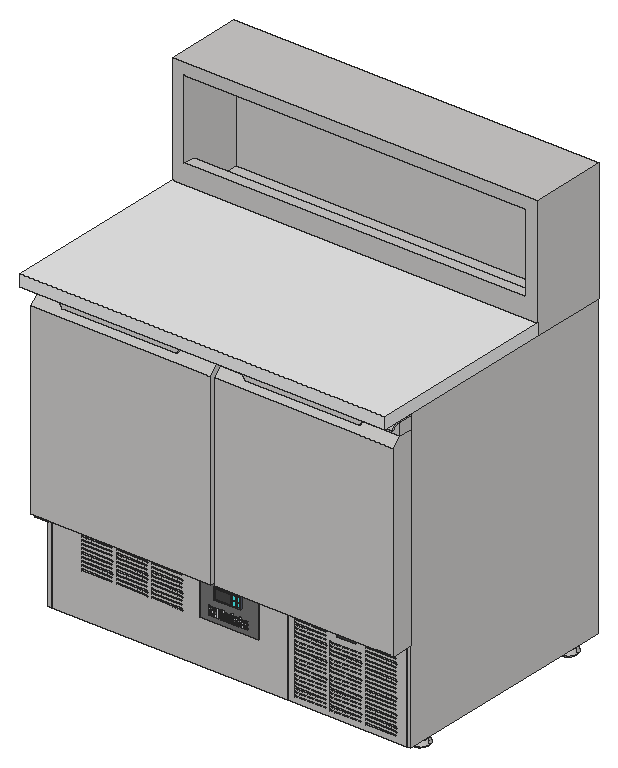
Revit family "QF_ELECTROLUXPROFESSIONAL_725106_PTR259", category Attrezzature speciali, Revit 2021
Family settings
  Quota connettore circolare = Usa diametro
  Tipo di parte = Normale
  Basato su piano di lavoro = No
  Sempre verticale = Sì
  Taglio con vuoti quando caricato = No
  Condiviso = No
  Punto di calcolo locali = No
Parameters (values of type "Standard")
  Weight = 102.00 kg
  Watts = 220 W
  Volts = 220 V
  URL Manufacturer = "https://www.electroluxprofessional.com/"
  URL = "https://www.electroluxprofessional.com/"
  Steam Supply Size = 0 mm
  Steam Supply Minimum Pressure = 0.0 Pa
  Steam Supply Maximum Pressure = 0.0 Pa
  Steam Consumption per Hour = 0
  Refrigeration Suction Line Size = 0 mm
  Refrigeration Liquid Line Size = 0 mm
  Refrigerant Compressor Remote = yes
  Prospetto di default = 0 mm
  Produttore = "Electrolux Professional"
  Phase = 1
  Modello = "PTR259"
  Length Actual = 950 mm  # constant formula
  Item Number = "725106"
  Hot Water Size = 0 mm
  Height Actual = 1125 mm  # constant formula
  HP = "0.3 HP"
  Gas Size = 0 mm
  Gas KW = 0
  Gas Input Pressure = 0 W
  Direct Waste Size = 0 mm
  Descrizione = "2-DOOR REFRIGERATED PIZZA PREP.COUNTER 250L + MARBLE TOP R290"
  Depth Actual = 700 mm  # constant formula
  Cycle = 50 Hz
  Condensate Return Size = 0 mm
  Compressed Air Volume = 0.0 L/s
  Compressed Air Size = 0 mm
  Compressed Air Pressure = 0.0 Pa
  Cold Water Size = 0 mm
  Accessory = yes
Reference planes
  plane 1: z = 0
  plane 2 "Center (Left/Right)": x = -126.5
  plane 3 "Center (Front/Back)": y = 64.5
  plane 4 "BACK": y = 414.5
  plane 5 "FRONT": y = -285.5
  plane 6 "LEFT": x = -604
  plane 7 "RIGHT": x = 351
  plane 8 "FEET": z = 20
  plane 9 "TOP": z = 838
  plane 10 "PLAIN": z = 808
  plane 11 "EI_back": y = 414.5
  plane 12 "EI_left": x = 287.5
  plane 13 "BorderFront": y = -252.5
  plane 14 "DOOR": y = -197.5
  plane 15 "BorderLeft": x = -601.5
  plane 16 "BorderRight": x = 348.5
  plane 17: x = -576.5
  plane 18: x = 323.5
  plane 19: y = -701.5
  plane 20: z = 260
  plane 21 "FeetBack": y = 347.5
  plane 22 "FeetFront": y = -137.5
  plane 23 "FeetRight": x = 326.2
  plane 24 "FeetLeft": x = -579.2
  plane 25 "DrainX": x = -271.5
  plane 26 "DrainY": y = 91.5
  plane 27: z = 238
  plane 28: z = 1125
Forms (mm)
  Extrusion 1, solid, material "QF_Finishes_Stainless Steel"
    sketch origin (-1022.223, 359, -1763) x (-1, 0, 0) y (0, 0, -1)
      loop
        circle (-1309.723, -1883) r 5
    from -55.5 to -57.278
  Extrusion 2, solid, material "QF_Finishes_Stainless Steel"
    sketch origin (-1022.223, -1524, 20) x (-1, 0, 0) y (0, -1, 0)
      loop
        line (-420.723, -1938.5) -> (-420.723, -1326.5) -> (-1370.723, -1326.5) -> (-1370.723, -1938.5) -> (-420.723, -1938.5)
    from 0 to 788
  Extrusion 3, solid, material "QF_Finished_Stone"
    sketch origin (0, 0, 808) x (-1, 0, 0) y (0, -1, 0)
      loop
        line (604, -214.5) -> (604, 285.5) -> (-351, 285.5) -> (-351, -214.5) -> (604, -214.5)
    from 0 to 30
  Extrusion 4, void
    sketch origin (0, 0, 0) x (1, 0, 0) y (0, 1, 0)
      loop
        line (-591.5, -197.5) -> (338.5, -197.5) -> (338.5, -195.5) -> (-591.5, -195.5) -> (-591.5, -197.5)
    from 20 to 260
  Extrusion 5, solid, material "QF_Finishes_Stainless Steel"
    sketch origin (0, 0, 0) x (1, 0, 0) y (0, 1, 0)
      loop
        line (-591.5, -195.5) -> (-591.5, -197.5) -> (26.373, -197.5) -> (26.373, -195.5) -> (-591.5, -195.5)
    from 20 to 260
  Extrusion 6, solid, material "QF_Finishes_Stainless Steel"
    sketch origin (0, 0, 0) x (1, 0, 0) y (0, 1, 0)
      loop
        line (26.373, -195.5) -> (26.373, -197.5) -> (338.5, -197.5) -> (338.5, -195.5) -> (26.373, -195.5)
    from 20 to 260
  Extrusion 7, void
    sketch origin (560, -285.5, 0) x (-1, 0, 0) y (0, 0, 1)
      loop
        line (514.036, 239.427) -> (431.036, 239.427) -> (431.036, 234.427) -> (514.036, 234.427) -> (514.036, 239.427)
      loop
        line (514.036, 229.427) -> (431.036, 229.427) -> (431.036, 224.427) -> (514.036, 224.427) -> (514.036, 229.427)
      loop
        line (514.036, 219.427) -> (431.036, 219.427) -> (431.036, 214.427) -> (514.036, 214.427) -> (514.036, 219.427)
      loop
        line (514.036, 209.427) -> (431.036, 209.427) -> (431.036, 204.427) -> (514.036, 204.427) -> (514.036, 209.427)
      loop
        line (514.036, 199.427) -> (431.036, 199.427) -> (431.036, 194.427) -> (514.036, 194.427) -> (514.036, 199.427)
      loop
        line (514.036, 189.427) -> (431.036, 189.427) -> (431.036, 184.427) -> (514.036, 184.427) -> (514.036, 189.427)
      loop
        line (514.036, 179.427) -> (431.036, 179.427) -> (431.036, 174.427) -> (514.036, 174.427) -> (514.036, 179.427)
      loop
        line (514.036, 169.427) -> (431.036, 169.427) -> (431.036, 164.427) -> (514.036, 164.427) -> (514.036, 169.427)
      loop
        line (514.036, 149.427) -> (431.036, 149.427) -> (431.036, 144.427) -> (514.036, 144.427) -> (514.036, 149.427)
      loop
        line (514.036, 139.427) -> (431.036, 139.427) -> (431.036, 134.427) -> (514.036, 134.427) -> (514.036, 139.427)
      loop
        line (422.036, 199.427) -> (339.036, 199.427) -> (339.036, 194.427) -> (422.036, 194.427) -> (422.036, 199.427)
      loop
        line (422.036, 189.427) -> (339.036, 189.427) -> (339.036, 184.427) -> (422.036, 184.427) -> (422.036, 189.427)
      loop
        line (422.036, 179.427) -> (339.036, 179.427) -> (339.036, 174.427) -> (422.036, 174.427) -> (422.036, 179.427)
      loop
        line (422.036, 149.427) -> (339.036, 149.427) -> (339.036, 144.427) -> (422.036, 144.427) -> (422.036, 149.427)
      loop
        line (422.036, 139.427) -> (339.036, 139.427) -> (339.036, 134.427) -> (422.036, 134.427) -> (422.036, 139.427)
      loop
        line (330.036, 239.427) -> (247.036, 239.427) -> (247.036, 234.427) -> (330.036, 234.427) -> (330.036, 239.427)
      loop
        line (330.036, 229.427) -> (247.036, 229.427) -> (247.036, 224.427) -> (330.036, 224.427) -> (330.036, 229.427)
      loop
        line (330.036, 219.427) -> (247.036, 219.427) -> (247.036, 214.427) -> (330.036, 214.427) -> (330.036, 219.427)
      loop
        line (330.036, 209.427) -> (247.036, 209.427) -> (247.036, 204.427) -> (330.036, 204.427) -> (330.036, 209.427)
      loop
        line (330.036, 199.427) -> (247.036, 199.427) -> (247.036, 194.427) -> (330.036, 194.427) -> (330.036, 199.427)
      loop
        line (330.036, 189.427) -> (247.036, 189.427) -> (247.036, 184.427) -> (330.036, 184.427) -> (330.036, 189.427)
      loop
        line (330.036, 179.427) -> (247.036, 179.427) -> (247.036, 174.427) -> (330.036, 174.427) -> (330.036, 179.427)
      loop
        line (330.036, 149.427) -> (247.036, 149.427) -> (247.036, 144.427) -> (330.036, 144.427) -> (330.036, 149.427)
      loop
        line (330.036, 139.427) -> (247.036, 139.427) -> (247.036, 134.427) -> (330.036, 134.427) -> (330.036, 139.427)
      loop
        line (422.036, 169.427) -> (339.036, 169.427) -> (339.036, 164.427) -> (422.036, 164.427) -> (422.036, 169.427)
      loop
        line (330.036, 169.427) -> (247.036, 169.427) -> (247.036, 164.427) -> (330.036, 164.427) -> (330.036, 169.427)
      loop
        line (514.036, 159.427) -> (431.036, 159.427) -> (431.036, 154.427) -> (514.036, 154.427) -> (514.036, 159.427)
      loop
        line (422.036, 159.427) -> (339.036, 159.427) -> (339.036, 154.427) -> (422.036, 154.427) -> (422.036, 159.427)
      loop
        line (330.036, 159.427) -> (247.036, 159.427) -> (247.036, 154.427) -> (330.036, 154.427) -> (330.036, 159.427)
      loop
        line (514.036, 129.427) -> (431.036, 129.427) -> (431.036, 124.427) -> (514.036, 124.427) -> (514.036, 129.427)
      loop
        line (514.036, 119.427) -> (431.036, 119.427) -> (431.036, 114.427) -> (514.036, 114.427) -> (514.036, 119.427)
      loop
        line (514.036, 109.427) -> (431.036, 109.427) -> (431.036, 104.427) -> (514.036, 104.427) -> (514.036, 109.427)
      loop
        line (514.036, 99.427) -> (431.036, 99.427) -> (431.036, 94.427) -> (514.036, 94.427) -> (514.036, 99.427)
      loop
        line (514.036, 79.427) -> (431.036, 79.427) -> (431.036, 74.427) -> (514.036, 74.427) -> (514.036, 79.427)
      loop
        line (514.036, 69.427) -> (431.036, 69.427) -> (431.036, 64.427) -> (514.036, 64.427) -> (514.036, 69.427)
      loop
        line (422.036, 129.427) -> (339.036, 129.427) -> (339.036, 124.427) -> (422.036, 124.427) -> (422.036, 129.427)
      loop
        line (422.036, 119.427) -> (339.036, 119.427) -> (339.036, 114.427) -> (422.036, 114.427) -> (422.036, 119.427)
      loop
        line (422.036, 109.427) -> (339.036, 109.427) -> (339.036, 104.427) -> (422.036, 104.427) -> (422.036, 109.427)
      loop
        line (422.036, 79.427) -> (339.036, 79.427) -> (339.036, 74.427) -> (422.036, 74.427) -> (422.036, 79.427)
      loop
        line (422.036, 69.427) -> (339.036, 69.427) -> (339.036, 64.427) -> (422.036, 64.427) -> (422.036, 69.427)
      loop
        line (330.036, 129.427) -> (247.036, 129.427) -> (247.036, 124.427) -> (330.036, 124.427) -> (330.036, 129.427)
      loop
        line (330.036, 119.427) -> (247.036, 119.427) -> (247.036, 114.427) -> (330.036, 114.427) -> (330.036, 119.427)
      loop
        line (330.036, 109.427) -> (247.036, 109.427) -> (247.036, 104.427) -> (330.036, 104.427) -> (330.036, 109.427)
      loop
        line (330.036, 79.427) -> (247.036, 79.427) -> (247.036, 74.427) -> (330.036, 74.427) -> (330.036, 79.427)
      loop
        line (330.036, 69.427) -> (247.036, 69.427) -> (247.036, 64.427) -> (330.036, 64.427) -> (330.036, 69.427)
      loop
        line (422.036, 99.427) -> (339.036, 99.427) -> (339.036, 94.427) -> (422.036, 94.427) -> (422.036, 99.427)
      loop
        line (330.036, 99.427) -> (247.036, 99.427) -> (247.036, 94.427) -> (330.036, 94.427) -> (330.036, 99.427)
      loop
        line (514.036, 89.427) -> (431.036, 89.427) -> (431.036, 84.427) -> (514.036, 84.427) -> (514.036, 89.427)
      loop
        line (422.036, 89.427) -> (339.036, 89.427) -> (339.036, 84.427) -> (422.036, 84.427) -> (422.036, 89.427)
      loop
        line (330.036, 89.427) -> (247.036, 89.427) -> (247.036, 84.427) -> (330.036, 84.427) -> (330.036, 89.427)
      loop
        line (514.036, 49.427) -> (431.036, 49.427) -> (431.036, 44.427) -> (514.036, 44.427) -> (514.036, 49.427)
      loop
        line (514.036, 39.427) -> (431.036, 39.427) -> (431.036, 34.427) -> (514.036, 34.427) -> (514.036, 39.427)
      loop
        line (422.036, 49.427) -> (339.036, 49.427) -> (339.036, 44.427) -> (422.036, 44.427) -> (422.036, 49.427)
      loop
        line (422.036, 39.427) -> (339.036, 39.427) -> (339.036, 34.427) -> (422.036, 34.427) -> (422.036, 39.427)
      loop
        line (330.036, 49.427) -> (247.036, 49.427) -> (247.036, 44.427) -> (330.036, 44.427) -> (330.036, 49.427)
      loop
        line (330.036, 39.427) -> (247.036, 39.427) -> (247.036, 34.427) -> (330.036, 34.427) -> (330.036, 39.427)
      loop
        line (514.036, 59.427) -> (431.036, 59.427) -> (431.036, 54.427) -> (514.036, 54.427) -> (514.036, 59.427)
      loop
        line (422.036, 59.427) -> (339.036, 59.427) -> (339.036, 54.427) -> (422.036, 54.427) -> (422.036, 59.427)
      loop
        line (330.036, 59.427) -> (247.036, 59.427) -> (247.036, 54.427) -> (330.036, 54.427) -> (330.036, 59.427)
      loop
        line (405.536, 239.427) -> (355.536, 239.427) -> (355.536, 214.427) -> (405.536, 214.427) -> (405.536, 239.427)
    from 88 to 90
  Extrusion 8, solid, material "QF_Finishes_Black"
    sketch origin (0, -285.5, 0) x (-1, 0, 0) y (0, 0, 1)
      loop
        line (-154.464, 239.427) -> (-204.464, 239.427) -> (-204.464, 214.427) -> (-154.464, 214.427) -> (-154.464, 239.427)
    from 88 to 90
  Extrusion 9, solid, material "QF_Finishes_Stainless Steel"
    sketch origin (-1022.223, -1524, 20) x (-1, 0, 0) y (0, -1, 0)
      loop
        circle (-750.723, -1615.5) r 6.35
    from 199.427 to 218
  Extrusion 10, solid, material "QF_Finishes_Stainless Steel"
    sketch origin (0, 0, 808) x (-1, 0, 0) y (0, -1, 0)
      loop
        line (604, -414.5) -> (604, -214.5) -> (-351, -214.5) -> (-351, -414.5) -> (604, -414.5)
    from 0 to 317
  Extrusion 11, void
    sketch origin (0, 0, 808) x (-1, 0, 0) y (0, -1, 0)
      loop
        line (574, -384.5) -> (574, -244.5) -> (-321, -244.5) -> (-321, -384.5) -> (574, -384.5)
    from 0 to 287
  Extrusion 12, void
    sketch origin (0, 414.5, 0) x (-1, 0, 0) y (0, 0, 1)
      loop
        line (574, 1095) -> (-321, 1095) -> (-321, 888) -> (574, 888) -> (574, 1095)
    from -170 to -200
  Extrusion 13, void
    sketch origin (0, -285.5, 0) x (-1, 0, 0) y (0, 0, 1)
      loop
        line (514.036, 239.427) -> (431.036, 239.427) -> (431.036, 234.427) -> (514.036, 234.427) -> (514.036, 239.427)
      loop
        line (514.036, 229.427) -> (431.036, 229.427) -> (431.036, 224.427) -> (514.036, 224.427) -> (514.036, 229.427)
      loop
        line (514.036, 219.427) -> (431.036, 219.427) -> (431.036, 214.427) -> (514.036, 214.427) -> (514.036, 219.427)
      loop
        line (514.036, 209.427) -> (431.036, 209.427) -> (431.036, 204.427) -> (514.036, 204.427) -> (514.036, 209.427)
      loop
        line (514.036, 199.427) -> (431.036, 199.427) -> (431.036, 194.427) -> (514.036, 194.427) -> (514.036, 199.427)
      loop
        line (514.036, 189.427) -> (431.036, 189.427) -> (431.036, 184.427) -> (514.036, 184.427) -> (514.036, 189.427)
      loop
        line (514.036, 179.427) -> (431.036, 179.427) -> (431.036, 174.427) -> (514.036, 174.427) -> (514.036, 179.427)
      loop
        line (514.036, 169.427) -> (431.036, 169.427) -> (431.036, 164.427) -> (514.036, 164.427) -> (514.036, 169.427)
      loop
        line (514.036, 149.427) -> (431.036, 149.427) -> (431.036, 144.427) -> (514.036, 144.427) -> (514.036, 149.427)
      loop
        line (514.036, 139.427) -> (431.036, 139.427) -> (431.036, 134.427) -> (514.036, 134.427) -> (514.036, 139.427)
      loop
        line (422.036, 199.427) -> (339.036, 199.427) -> (339.036, 194.427) -> (422.036, 194.427) -> (422.036, 199.427)
      loop
        line (422.036, 189.427) -> (339.036, 189.427) -> (339.036, 184.427) -> (422.036, 184.427) -> (422.036, 189.427)
      loop
        line (422.036, 179.427) -> (339.036, 179.427) -> (339.036, 174.427) -> (422.036, 174.427) -> (422.036, 179.427)
      loop
        line (422.036, 149.427) -> (339.036, 149.427) -> (339.036, 144.427) -> (422.036, 144.427) -> (422.036, 149.427)
      loop
        line (422.036, 139.427) -> (339.036, 139.427) -> (339.036, 134.427) -> (422.036, 134.427) -> (422.036, 139.427)
      loop
        line (330.036, 239.427) -> (247.036, 239.427) -> (247.036, 234.427) -> (330.036, 234.427) -> (330.036, 239.427)
      loop
        line (330.036, 229.427) -> (247.036, 229.427) -> (247.036, 224.427) -> (330.036, 224.427) -> (330.036, 229.427)
      loop
        line (330.036, 219.427) -> (247.036, 219.427) -> (247.036, 214.427) -> (330.036, 214.427) -> (330.036, 219.427)
      loop
        line (330.036, 209.427) -> (247.036, 209.427) -> (247.036, 204.427) -> (330.036, 204.427) -> (330.036, 209.427)
      loop
        line (330.036, 199.427) -> (247.036, 199.427) -> (247.036, 194.427) -> (330.036, 194.427) -> (330.036, 199.427)
      loop
        line (330.036, 189.427) -> (247.036, 189.427) -> (247.036, 184.427) -> (330.036, 184.427) -> (330.036, 189.427)
      loop
        line (330.036, 179.427) -> (247.036, 179.427) -> (247.036, 174.427) -> (330.036, 174.427) -> (330.036, 179.427)
      loop
        line (330.036, 149.427) -> (247.036, 149.427) -> (247.036, 144.427) -> (330.036, 144.427) -> (330.036, 149.427)
      loop
        line (330.036, 139.427) -> (247.036, 139.427) -> (247.036, 134.427) -> (330.036, 134.427) -> (330.036, 139.427)
      loop
        line (422.036, 169.427) -> (339.036, 169.427) -> (339.036, 164.427) -> (422.036, 164.427) -> (422.036, 169.427)
      loop
        line (330.036, 169.427) -> (247.036, 169.427) -> (247.036, 164.427) -> (330.036, 164.427) -> (330.036, 169.427)
      loop
        line (514.036, 159.427) -> (431.036, 159.427) -> (431.036, 154.427) -> (514.036, 154.427) -> (514.036, 159.427)
      loop
        line (422.036, 159.427) -> (339.036, 159.427) -> (339.036, 154.427) -> (422.036, 154.427) -> (422.036, 159.427)
      loop
        line (330.036, 159.427) -> (247.036, 159.427) -> (247.036, 154.427) -> (330.036, 154.427) -> (330.036, 159.427)
      loop
        line (422.036, 239.427) -> (339.036, 239.427) -> (339.036, 234.427) -> (422.036, 234.427) -> (422.036, 239.427)
      loop
        line (422.036, 229.427) -> (339.036, 229.427) -> (339.036, 224.427) -> (422.036, 224.427) -> (422.036, 229.427)
      loop
        line (422.036, 219.427) -> (339.036, 219.427) -> (339.036, 214.427) -> (422.036, 214.427) -> (422.036, 219.427)
      loop
        line (422.036, 209.427) -> (339.036, 209.427) -> (339.036, 204.427) -> (422.036, 204.427) -> (422.036, 209.427)
      loop
        line (204.5, 134.427) -> (204.5, 239.427) -> (48.5, 239.427) -> (48.5, 134.427) -> (204.5, 134.427)
    from 88 to 90
Cuts and joins
  Extrusion 4, Extrusion 7, Extrusion 11, Extrusion 13 cuts Extrusion 2
  Extrusion 7, Extrusion 13 cuts Extrusion 5
  Extrusion 7 cuts Extrusion 6
  Extrusion 11, Extrusion 12 cuts Extrusion 10
Lines and regions (mm)
  symbolic lines, style "SpecialityEquipment"
    curve 1: line (-604, 414.5, 808) -> (351, 414.5, 808)
    curve 2: line (-604, -285.5, 808) -> (-604, 414.5, 808)
    curve 3: line (351, -285.5, 808) -> (-604, -285.5, 808)
    curve 4: line (351, 414.5, 808) -> (351, -285.5, 808)
  symbolic lines, style "SpecialityEquipmentHiddenLines"
    curve 5: line (-604, -197.5, 808) -> (351, -197.5, 808)
  symbolic lines
    curve 6: line (-604, 214.5, 808) -> (351, 214.5, 808)
Dimensions and locks
  equal spacing: plane 6 "LEFT", plane 2 "Center (Left/Right)", plane 7 "RIGHT"
  plane 8 "FEET" to level = 20 mm
  plane 13 "BorderFront" to plane 5 "FRONT" = 33 mm
  plane 14 "DOOR" to plane 13 "BorderFront" = 55 mm
  plane 6 "LEFT" to plane 15 "BorderLeft" = 2.5 mm
  plane 16 "BorderRight" to plane 7 "RIGHT" = 2.5 mm
  plane 10 "PLAIN" to plane 8 "FEET" = 788 mm
  plane 18 to plane 16 "BorderRight" = 25 mm
  plane 6 "LEFT" to plane 7 "RIGHT" = 955 mm
  plane 4 "BACK" to plane 5 "FRONT" = 700 mm
  equal spacing: plane 4 "BACK", plane 3 "Center (Front/Back)", plane 5 "FRONT"
  plane 20 to plane 8 "FEET" = 240 mm
  plane 22 "FeetFront" to plane 14 "DOOR" = 60 mm
  plane 23 "FeetRight" to plane 16 "BorderRight" = 22.3 mm
  plane 12 "EI_left" to plane 16 "BorderRight" = 61 mm
  plane 15 "BorderLeft" to plane 25 "DrainX" = 330 mm
  plane 27 to plane 8 "FEET" = 218 mm
  plane 28 to plane 10 "PLAIN" = 317 mm
  plane 9 "TOP" to plane 10 "PLAIN" = 30 mm
  aligned and locked: level to plane 1
Automatic sketch dimensions
  Extrusion 1 sketch curve to plane 12 "EI_left" = 0 mm
  plane 8 "FEET" to Extrusion 1 sketch curve = 100 mm
  Extrusion 2 sketch curve to plane 4 "BACK" = 0 mm
  Extrusion 2 sketch curve to plane 16 "BorderRight" = 0 mm
  Extrusion 2 sketch curve to plane 14 "DOOR" = 0 mm
  Extrusion 2 sketch curve to plane 15 "BorderLeft" = 0 mm
  Extrusion 3 sketch curve to plane 4 "BACK" = 200 mm
  Extrusion 3 sketch curve to plane 7 "RIGHT" = 0 mm
  Extrusion 3 sketch curve to plane 5 "FRONT" = 0 mm
  Extrusion 3 sketch curve to plane 6 "LEFT" = 0 mm
  Extrusion 4 sketch curve to plane 14 "DOOR" = 0 mm
  plane 15 "BorderLeft" to Extrusion 4 sketch curve = 10 mm
  Extrusion 4 sketch curve to plane 16 "BorderRight" = 10 mm
  plane 14 "DOOR" to Extrusion 4 sketch curve = 2 mm
  Extrusion 5 sketch curve to plane 14 "DOOR" = 0 mm
  plane 15 "BorderLeft" to Extrusion 5 sketch curve = 10 mm
  plane 2 "Center (Left/Right)" to Extrusion 5 sketch curve = 152.873 mm
  plane 14 "DOOR" to Extrusion 5 sketch curve = 2 mm
  Extrusion 6 sketch curve to plane 14 "DOOR" = 0 mm
  plane 2 "Center (Left/Right)" to Extrusion 6 sketch curve = 152.873 mm
  Extrusion 6 sketch curve to plane 16 "BorderRight" = 10 mm
  plane 14 "DOOR" to Extrusion 6 sketch curve = 2 mm
  Extrusion 7 sketch curve to plane 18 = 10.536 mm  (x6)
  Extrusion 7 sketch curve to Extrusion 7 sketch curve = 0 mm  (x96)
  Extrusion 7 sketch curve to Extrusion 7 sketch curve = 83 mm  (x4)
  Extrusion 7 sketch curve to plane 20 = 20.573 mm  (x2)
  Extrusion 7 sketch curve to Extrusion 7 sketch curve = 9 mm  (x11)
  Extrusion 7 sketch curve to Extrusion 7 sketch curve = 66.5 mm
  Extrusion 7 sketch curve to Extrusion 7 sketch curve = 16.5 mm
  plane 8 "FEET" to Extrusion 7 sketch curve = 29.427 mm  (x2)
  Extrusion 7 sketch curve to Extrusion 7 sketch curve = 5 mm  (x115)
  Extrusion 7 sketch curve to Extrusion 7 sketch curve = 15 mm
  Extrusion 7 sketch curve to Extrusion 7 sketch curve = 25.5 mm
  Extrusion 8 sketch curve to plane 20 = 20.573 mm
  Extrusion 8 sketch curve to plane 18 = 119.036 mm
  Extrusion 8 sketch curve to Extrusion 8 sketch curve = 50 mm
  Extrusion 8 sketch curve to Extrusion 8 sketch curve = 25 mm
  Extrusion 9 sketch curve to plane 25 "DrainX" = 0 mm
  Extrusion 9 sketch curve to plane 26 "DrainY" = 0 mm
  curve 1 to plane 4 "BACK" = 0 mm
  curve 5 to plane 7 "RIGHT" = 0 mm
  curve 3 to plane 5 "FRONT" = 0 mm
  curve 3 to plane 6 "LEFT" = 0 mm
  curve 5 to plane 14 "DOOR" = 0 mm
  Extrusion 10 sketch curve to plane 4 "BACK" = 0 mm
  Extrusion 10 sketch curve to plane 7 "RIGHT" = 0 mm
  Extrusion 10 sketch curve to plane 6 "LEFT" = 0 mm
  plane 26 "DrainY" to Extrusion 10 sketch curve = 123 mm
  Extrusion 11 sketch curve to plane 4 "BACK" = 30 mm
  Extrusion 11 sketch curve to plane 7 "RIGHT" = 30 mm
  plane 6 "LEFT" to Extrusion 11 sketch curve = 30 mm
  plane 26 "DrainY" to Extrusion 11 sketch curve = 153 mm
  Extrusion 12 sketch curve to plane 18 = 2.5 mm
  plane 9 "TOP" to Extrusion 12 sketch curve = 50 mm
  Extrusion 12 sketch curve to plane 28 = 30 mm
  plane 17 to Extrusion 12 sketch curve = 2.5 mm
  plane 26 "DrainY" to curve 6 = 123 mm
  plane 2 "Center (Left/Right)" to Extrusion 13 sketch curve = 78 mm
  plane 27 to Extrusion 13 sketch curve = 1.427 mm  (x4)
  plane 25 "DrainX" to Extrusion 13 sketch curve = 67 mm
  plane 25 "DrainX" to Extrusion 13 sketch curve = 24.464 mm  (x2)
  Extrusion 13 sketch curve to Extrusion 13 sketch curve = 0 mm  (x56)
  Extrusion 13 sketch curve to plane 25 "DrainX" = 58.536 mm
  Extrusion 13 sketch curve to Extrusion 13 sketch curve = 9 mm  (x6)
  Extrusion 13 sketch curve to Extrusion 13 sketch curve = 83 mm
  Extrusion 13 sketch curve to plane 27 = 3.573 mm  (x3)
  Extrusion 13 sketch curve to plane 27 = 13.573 mm  (x2)
  plane 17 to Extrusion 13 sketch curve = 62.464 mm  (x2)
  Extrusion 13 sketch curve to Extrusion 13 sketch curve = 5 mm  (x57)
  radius of Extrusion 1 sketch curve = 5 mm
  radius of Extrusion 9 sketch curve = 6.35 mm
Nested families
  nested 1: "HORIZREF_SD_L" at (-366.5, -197.5, 531.5) x (1, 0, 0) z (0, -1, 0), type "HORIZREF_SD_L"
    with Show Clearance yes
  nested 2: "HORIZREF_SD_R" at (113.5, -197.5, 531.5) x (1, 0, 0) z (0, -1, 0), type "HORIZREF_SD_R"
    with Show Clearance yes
  nested 3: "HORIZREF_ELX_DISPLAY" at (-126.5, -195.5, 184.427) x (1, 0, 0) z (0, -1, 0), type "HORIZREF_ELX_DISPLAY"
    with Show Logo yes
  nested 4: "HORIZREF_FEET20" at (326.2, -137.5, 0), type "HORIZREF_FEET20"
  nested 5: "HORIZREF_FEET20" at (326.2, 347.5, 0), type "HORIZREF_FEET20"
  nested 6: "HORIZREF_FEET20" at (-579.2, -137.5, 0), type "HORIZREF_FEET20"
  nested 7: "HORIZREF_FEET20" at (-579.2, 347.5, 0), type "HORIZREF_FEET20"
  nested 8: "Refrigerator" at (351, -285.5, 808), type "Refrigerator"
Connectors
  electrical at (287.5, 416.278, 120), driven by "Volts"
    settings: on Extrusion 1, index 1, voltage 220 V, apparent load 0 VA, apparent load phase1 0 VA, apparent load phase2 0 VA, apparent load phase3 0 VA, power factor 1, load classification "Other", number of poles 1, system type 31, power factor state 1, is connector primary yes, connector utility no, sub classification motor no, connector description "Electrical Connection"
  piping at (-271.5, 91.5, 219.427), diameter 12.7
    settings: on Extrusion 9, index 2, connector inside diameter 609.6 mm, connector length 0 mm, flow factor 0, pipe flow 0.0 L/s, pressure drop 0.0 Pa, fitting loss kfactor 0, connector angle 0.00°, fixture units 0, engagement length 0 mm, angle of deflection 0.00°, flow configuration 0, flow direction 2, fitting loss method 0, system type 16, joint type 0, gender type 0, connector reference index -1, connector utility 0, adjustable connector no, is connector primary yes, connector description "Drain"
Definition of nested family "HORIZREF_SD_L"
  Parameters
    Show Clearance [instance] = yes
    Default Elevation = 1219.2 mm
  Reference planes
    plane 1 "Centro (Fronte/Retro)": y = 0
    plane 2: z = 0
    plane 3 "Centro (Sinistra/Destra)": x = 0
    plane 4 "Left": x = -235
    plane 5 "Right": x = 235
    plane 6: y = -271.5
    plane 7: y = 271.5
  Forms (mm)
    Extrusion 1, solid
      sketch origin (0, 0, 0) x (1, 0, 0) y (0, 1, 0)
        loop
          line (-1219.2, 1219.2) -> (-1219.2, -1219.2) -> (1219.2, -1219.2) -> (1219.2, 1219.2) -> (-1219.2, 1219.2)
      from 0 to -304.8
    Extrusion 2, solid
      sketch origin (0, -42.5, -3) x (0, 1, 0) y (0, 0, 1)
        loop
          line (-229, 58) -> (-229, 3) -> (279.183, 3) -> (279.183, 37.596) -> (258.779, 58) -> (-229, 58)
      from -235 to 235
    Extrusion 3, solid
      sketch origin (0, -42.5, 0) x (0, 1, 0) y (0, 0, 1)
        loop
          line (314, 0) -> (314, 44.493)
          arc (314, 44.493) -> (310.059, 54.627) -> (300.307, 59.436) r 15
          line (300.307, 59.436) -> (285.612, 60.721) -> (285.351, 57.733) -> (300.046, 56.447)
          arc (300.046, 56.447) -> (307.847, 52.6) -> (311, 44.493) r 12
          line (311, 44.493) -> (311, 0) -> (314, 0)
      from -235 to 235
    Extrusion 4, void
      sketch origin (0, -42.5, 0) x (1, 0, 0) y (0, 1, 0)
        loop
          line (-235, 285.351) -> (-147.017, 285.351)
          arc (-147.017, 285.351) -> (-148.802, 285.771) -> (-150.212, 286.944) r 4
          line (-150.212, 286.944) -> (-160.798, 300.992)
          arc (-160.798, 300.992) -> (-162.208, 302.165) -> (-163.992, 302.585) r 4
          line (-163.992, 302.585) -> (-235, 302.585) -> (-235, 285.351)
        loop
          line (235, 285.351) -> (235, 302.585) -> (163.992, 302.585)
          arc (163.992, 302.585) -> (162.208, 302.165) -> (160.798, 300.992) r 4
          line (160.798, 300.992) -> (150.212, 286.944)
          arc (150.212, 286.944) -> (148.802, 285.771) -> (147.017, 285.351) r 4
          line (147.017, 285.351) -> (235, 285.351)
      from 29.294 to 84.515
    Extrusion 5, solid, visible <- "Show Clearance", detail levels coarse
      sketch origin (0, -42.5, 5) x (-1, 0, 0) y (0, 0, -1)
        loop
          line (230, -504) -> (230, -55) -> (180, -55) -> (180, -504) -> (230, -504)
      from -314 to 229
    Extrusion 6, solid
      sketch origin (-235, 0, 0) x (0, 1, 0) y (0, 0, 1)
        loop
          line (-271.5, 0) -> (-271.5, 55) -> (-274, 55) -> (-274, 0) -> (-271.5, 0)
        loop
          line (271.5, 27.948) -> (271.5, 2.948) -> (271.5, 0) -> (276.503, 0) -> (276.503, 2.5) -> (274, 2.5) -> (274, 27.948) -> (271.5, 27.948)
      from 10 to 45
    Extrusion 7, solid
      sketch origin (0, -42.5, -3) x (0, 1, 0) y (0, 0, 1)
        loop
          line (279.183, 37.596) -> (279.183, 3) -> (311, 3) -> (311, 37.596) -> (279.183, 37.596)
      from -235 to 235
    Extrusion 8, solid, detail levels coarse
      sketch origin (0, 0, 5) x (1, 0, 0) y (0, 0, 1)
        loop
          line (-180, 504) -> (-180, 55) -> (235, 55)
          arc (235, 55) -> (109.085, 354.907) -> (-180, 504) r 476.159
      from -271.5 to 271.5
  Cuts and joins
    Extrusion 4 cuts Extrusion 3
  Lines and regions (mm)
    symbolic lines
      curve 1: arc (232.8, 0, 88) -> (99.401, 0, 370.079) -> (-180, 0, 509) r 476.159
      curve 2: line (-180, 0, 88) -> (-180, 0, 509)
      curve 3: line (-180, 0, 509) -> (-230, 0, 509)
      curve 4: line (-230, 0, 509) -> (-230, 0, 88)
  Dimensions and locks
    plane 4 "Left" to plane 3 "Centro (Sinistra/Destra)" to plane 5 "Right" = 235 mm, 235 mm
    equal spacing: plane 7, plane 1 "Centro (Fronte/Retro)", plane 6
    plane 7 to plane 6 = 543 mm
    aligned and locked: plane 2 to Extrusion 1
    aligned and locked: level to Extrusion 1
  Automatic sketch dimensions
    Extrusion 1 sketch curve to Extrusion 1 sketch curve = 2438.4 mm  (x2)
    Extrusion 2 sketch curve to plane 6 = 0 mm
    Extrusion 2 sketch curve to level = 0 mm
    Extrusion 2 sketch curve to plane 7 = 55.221 mm
    Extrusion 2 sketch curve to Extrusion 2 sketch curve = 20.404 mm  (x2)
    level to Extrusion 2 sketch curve = 34.596 mm
    Extrusion 3 sketch curve to Extrusion 3 sketch curve = 0 mm  (x2)
    Extrusion 3 sketch curve to level = 0 mm
    Extrusion 3 sketch curve to plane 7 = 0 mm
    Extrusion 3 sketch curve to Extrusion 3 sketch curve = 3 mm
    Extrusion 3 sketch curve to plane 7 = 13.693 mm
    Extrusion 3 sketch curve to Extrusion 3 sketch curve = 0.261 mm  (x2)
    Extrusion 3 sketch curve to Extrusion 3 sketch curve = 1.046 mm
    Extrusion 3 sketch curve to Extrusion 3 sketch curve = 14.695 mm
    level to Extrusion 3 sketch curve = 44.493 mm
    Extrusion 7 sketch curve to level = 0 mm
    Extrusion 7 sketch curve to plane 7 = 3 mm
    level to Extrusion 7 sketch curve = 34.596 mm
    Extrusion 7 sketch curve to Extrusion 7 sketch curve = 31.817 mm
    Extrusion 4 sketch curve to plane 4 "Left" = 0 mm
    Extrusion 4 sketch curve to plane 5 "Right" = 0 mm
    Extrusion 4 sketch curve to plane 7 = 11.415 mm
    Extrusion 4 sketch curve to Extrusion 4 sketch curve = 71.008 mm
    Extrusion 4 sketch curve to plane 7 = 13.008 mm  (x2)
    Extrusion 4 sketch curve to Extrusion 4 sketch curve = 3.195 mm  (x4)
    Extrusion 4 sketch curve to plane 7 = 27.056 mm  (x2)
    Extrusion 4 sketch curve to Extrusion 4 sketch curve = 10.586 mm  (x2)
    Extrusion 4 sketch curve to Extrusion 4 sketch curve = 0 mm  (x2)
    Extrusion 4 sketch curve to plane 7 = 24.649 mm
    Extrusion 4 sketch curve to plane 5 "Right" = 87.983 mm
    Extrusion 4 sketch curve to Extrusion 4 sketch curve = 17.234 mm
    Extrusion 4 sketch curve to Extrusion 4 sketch curve = 2.407 mm
    plane 4 "Left" to Extrusion 5 sketch curve = 55 mm
    plane 4 "Left" to Extrusion 5 sketch curve = 5 mm
    level to Extrusion 5 sketch curve = 509 mm
    level to Extrusion 5 sketch curve = 60 mm
    Extrusion 8 sketch curve to plane 5 "Right" = 0 mm
    plane 4 "Left" to Extrusion 8 sketch curve = 55 mm
    Extrusion 8 sketch curve to plane 4 "Left" = 5.589 mm
    level to Extrusion 8 sketch curve = 36.712 mm
    level to Extrusion 8 sketch curve = 60 mm
    curve 1 to plane 5 "Right" = 2.2 mm
    plane 4 "Left" to curve 3 = 55 mm
    plane 4 "Left" to curve 3 = 5 mm
    curve 1 to plane 4 "Left" = 5.589 mm
    level to curve 1 = 36.712 mm
    curve 1 to curve 3 = 472.288 mm
    curve 1 to curve 4 = 51.288 mm
    curve 2 to curve 4 = 0 mm
    Extrusion 6 sketch curve to level = 0 mm  (x2)
    Extrusion 6 sketch curve to plane 6 = 0 mm
    Extrusion 6 sketch curve to plane 6 = 2.5 mm
    plane 7 to Extrusion 6 sketch curve = 0 mm
    Extrusion 6 sketch curve to Extrusion 6 sketch curve = 2.5 mm
    Extrusion 6 sketch curve to Extrusion 6 sketch curve = 2.503 mm
    level to Extrusion 6 sketch curve = 2.5 mm
    Extrusion 6 sketch curve to Extrusion 6 sketch curve = 0.448 mm
    Extrusion 6 sketch curve to Extrusion 6 sketch curve = 25 mm
    Extrusion 6 sketch curve to Extrusion 6 sketch curve = 55 mm
Definition of nested family "HORIZREF_SD_R"
  Parameters
    Show Clearance [instance] = yes
    Default Elevation = 1219.2 mm
  Reference planes
    plane 1 "Centro (Fronte/Retro)": y = 0
    plane 2: z = 0
    plane 3 "Centro (Sinistra/Destra)": x = 0
    plane 4 "Left": x = -235
    plane 5 "Right": x = 235
    plane 6: y = -271.5
    plane 7: y = 271.5
  Forms (mm)
    Extrusion 1, solid
      sketch origin (0, 0, 0) x (1, 0, 0) y (0, 1, 0)
        loop
          line (-1219.2, 1219.2) -> (-1219.2, -1219.2) -> (1219.2, -1219.2) -> (1219.2, 1219.2) -> (-1219.2, 1219.2)
      from 0 to -304.8
    Extrusion 2, solid
      sketch origin (0, -42.5, -3) x (0, 1, 0) y (0, 0, 1)
        loop
          line (-229, 58) -> (-229, 3) -> (279.183, 3) -> (279.183, 37.596) -> (258.779, 58) -> (-229, 58)
      from -235 to 235
    Extrusion 3, solid
      sketch origin (0, -42.5, 0) x (0, 1, 0) y (0, 0, 1)
        loop
          line (314, 0) -> (314, 44.493)
          arc (314, 44.493) -> (310.059, 54.627) -> (300.307, 59.436) r 15
          line (300.307, 59.436) -> (285.612, 60.721) -> (285.351, 57.733) -> (300.046, 56.447)
          arc (300.046, 56.447) -> (307.847, 52.6) -> (311, 44.493) r 12
          line (311, 44.493) -> (311, 0) -> (314, 0)
      from -235 to 235
    Extrusion 4, void
      sketch origin (0, -42.5, 0) x (1, 0, 0) y (0, 1, 0)
        loop
          line (-235, 285.351) -> (-147.017, 285.351)
          arc (-147.017, 285.351) -> (-148.802, 285.771) -> (-150.212, 286.944) r 4
          line (-150.212, 286.944) -> (-160.798, 300.992)
          arc (-160.798, 300.992) -> (-162.208, 302.165) -> (-163.992, 302.585) r 4
          line (-163.992, 302.585) -> (-235, 302.585) -> (-235, 285.351)
        loop
          line (235, 285.351) -> (235, 302.585) -> (163.992, 302.585)
          arc (163.992, 302.585) -> (162.208, 302.165) -> (160.798, 300.992) r 4
          line (160.798, 300.992) -> (150.212, 286.944)
          arc (150.212, 286.944) -> (148.802, 285.771) -> (147.017, 285.351) r 4
          line (147.017, 285.351) -> (235, 285.351)
      from 29.294 to 84.515
    Extrusion 5, solid
      sketch origin (235, 0, 0) x (0, 1, 0) y (0, 0, 1)
        loop
          line (-271.5, 0) -> (-271.5, 55) -> (-274, 55) -> (-274, 0) -> (-271.5, 0)
        loop
          line (271.5, 27.948) -> (271.5, 2.948) -> (271.5, 0) -> (276.503, 0) -> (276.503, 2.5) -> (274, 2.5) -> (274, 27.948) -> (271.5, 27.948)
      from -10 to -45
    Extrusion 6, solid
      sketch origin (0, -42.5, -3) x (0, 1, 0) y (0, 0, 1)
        loop
          line (279.183, 37.596) -> (279.183, 3) -> (311, 3) -> (311, 37.596) -> (279.183, 37.596)
      from -235 to 235
    Extrusion 7, solid, detail levels coarse
      sketch origin (0, 0, 5) x (-1, 0, 0) y (0, 0, -1)
        loop
          arc (-180, -504) -> (109.085, -354.907) -> (235, -55) r 476.159
          line (235, -55) -> (-180, -55) -> (-180, -504)
      from -271.5 to 271.5
    Extrusion 8, solid, visible <- "Show Clearance", detail levels coarse
      sketch origin (0, -42.5, 5) x (1, 0, 0) y (0, 0, 1)
        loop
          line (230, 504) -> (180, 504) -> (180, 55) -> (230, 55) -> (230, 504)
      from -314 to 229
  Cuts and joins
    Extrusion 4 cuts Extrusion 3
  Lines and regions (mm)
    symbolic lines
      curve 1: arc (-232.8, 0, 88) -> (-99.401, 0, 370.079) -> (180, 0, 509) r 476.159
      curve 2: line (180, 0, 88) -> (180, 0, 509)
      curve 3: line (180, 0, 509) -> (230, 0, 509)
      curve 4: line (230, 0, 509) -> (230, 0, 88)
  Dimensions and locks
    plane 4 "Left" to plane 3 "Centro (Sinistra/Destra)" to plane 5 "Right" = 235 mm, 235 mm
    equal spacing: plane 7, plane 1 "Centro (Fronte/Retro)", plane 6
    plane 7 to plane 6 = 543 mm
    aligned and locked: plane 2 to Extrusion 1
    aligned and locked: level to Extrusion 1
  Automatic sketch dimensions
    Extrusion 1 sketch curve to Extrusion 1 sketch curve = 2438.4 mm  (x2)
    Extrusion 2 sketch curve to plane 6 = 0 mm
    Extrusion 2 sketch curve to level = 0 mm
    Extrusion 2 sketch curve to plane 7 = 55.221 mm
    Extrusion 2 sketch curve to Extrusion 2 sketch curve = 20.404 mm  (x2)
    level to Extrusion 2 sketch curve = 34.596 mm
    Extrusion 3 sketch curve to Extrusion 3 sketch curve = 0 mm  (x2)
    Extrusion 3 sketch curve to level = 0 mm
    Extrusion 3 sketch curve to plane 7 = 0 mm
    Extrusion 3 sketch curve to Extrusion 3 sketch curve = 3 mm
    Extrusion 3 sketch curve to plane 7 = 13.693 mm
    Extrusion 3 sketch curve to Extrusion 3 sketch curve = 0.261 mm  (x2)
    Extrusion 3 sketch curve to Extrusion 3 sketch curve = 1.046 mm
    Extrusion 3 sketch curve to Extrusion 3 sketch curve = 14.695 mm
    level to Extrusion 3 sketch curve = 44.493 mm
    Extrusion 4 sketch curve to plane 4 "Left" = 0 mm
    Extrusion 4 sketch curve to plane 5 "Right" = 0 mm
    Extrusion 4 sketch curve to plane 7 = 11.415 mm
    Extrusion 4 sketch curve to Extrusion 4 sketch curve = 71.008 mm
    Extrusion 4 sketch curve to plane 7 = 13.008 mm  (x2)
    Extrusion 4 sketch curve to Extrusion 4 sketch curve = 3.195 mm  (x4)
    Extrusion 4 sketch curve to plane 7 = 27.056 mm  (x2)
    Extrusion 4 sketch curve to Extrusion 4 sketch curve = 10.586 mm  (x2)
    Extrusion 4 sketch curve to plane 7 = 24.649 mm
    Extrusion 4 sketch curve to plane 5 "Right" = 87.983 mm
    Extrusion 4 sketch curve to Extrusion 4 sketch curve = 17.234 mm
    Extrusion 4 sketch curve to Extrusion 4 sketch curve = 2.407 mm
    Extrusion 4 sketch curve to Extrusion 4 sketch curve = 0 mm  (x2)
    Extrusion 6 sketch curve to level = 0 mm
    Extrusion 6 sketch curve to plane 7 = 34.817 mm
    Extrusion 6 sketch curve to plane 7 = 3 mm
    level to Extrusion 6 sketch curve = 34.596 mm
    Extrusion 7 sketch curve to plane 4 "Left" = 0 mm
    Extrusion 7 sketch curve to plane 5 "Right" = 55 mm
    plane 5 "Right" to Extrusion 7 sketch curve = 5.589 mm
    level to Extrusion 7 sketch curve = 509 mm
    level to Extrusion 7 sketch curve = 60 mm
    Extrusion 8 sketch curve to plane 5 "Right" = 55 mm
    Extrusion 8 sketch curve to plane 5 "Right" = 5 mm
    level to Extrusion 8 sketch curve = 60 mm
    Extrusion 8 sketch curve to Extrusion 8 sketch curve = 449 mm
    curve 3 to plane 5 "Right" = 55 mm
    curve 3 to plane 5 "Right" = 5 mm
    plane 5 "Right" to curve 1 = 5.589 mm
    level to curve 1 = 36.712 mm
    curve 1 to curve 3 = 472.288 mm
    plane 4 "Left" to curve 1 = 2.2 mm
    curve 1 to curve 4 = 51.288 mm
    curve 2 to curve 4 = 0 mm
    Extrusion 5 sketch curve to level = 0 mm  (x2)
    Extrusion 5 sketch curve to plane 6 = 0 mm
    Extrusion 5 sketch curve to plane 6 = 2.5 mm
    plane 7 to Extrusion 5 sketch curve = 0 mm
    Extrusion 5 sketch curve to Extrusion 5 sketch curve = 2.5 mm
    Extrusion 5 sketch curve to Extrusion 5 sketch curve = 2.503 mm
    level to Extrusion 5 sketch curve = 2.5 mm
    Extrusion 5 sketch curve to Extrusion 5 sketch curve = 0.448 mm
    Extrusion 5 sketch curve to Extrusion 5 sketch curve = 25 mm
    Extrusion 5 sketch curve to Extrusion 5 sketch curve = 55 mm
Definition of nested family "HORIZREF_ELX_DISPLAY"
  Parameters
    Show Logo [instance] = yes
    Default Elevation = 1219.2 mm
  Reference planes
    plane 1 "Centro (Fronte/Retro)": y = 0
    plane 2: z = 0
    plane 3 "Centro (Sinistra/Destra)": x = 0
  Forms (mm)
    Extrusion 1, solid
      sketch origin (0, 0, 0) x (1, 0, 0) y (0, 1, 0)
        loop
          line (-1219.2, 1219.2) -> (-1219.2, -1219.2) -> (1219.2, -1219.2) -> (1219.2, 1219.2) -> (-1219.2, 1219.2)
      from 0 to -304.8
    Extrusion 2, solid
      sketch origin (-117.256, -247.111, 0) x (1, 0, 0) y (0, 1, 0)
        loop
          line (77.927, 232.209) -> (77.927, 212.414)
          arc (77.927, 212.414) -> (85.244, 222.312) -> (77.927, 232.209) r 10.352
        loop
          arc (76.92, 232.209) -> (68.688, 230.338) -> (64.721, 222.885) r 10.145
          line (64.721, 222.885) -> (67.996, 222.885)
          arc (67.996, 222.885) -> (73.846, 225.26) -> (76.92, 230.776) r 9.509
          line (76.92, 230.776) -> (76.92, 232.209)
        loop
          arc (76.92, 213.848) -> (73.846, 219.363) -> (67.996, 221.738) r 9.509
          line (67.996, 221.738) -> (64.721, 221.738)
          arc (64.721, 221.738) -> (68.681, 214.224) -> (76.92, 212.16) r 10.411
          line (76.92, 212.16) -> (76.92, 213.848)
        loop
          line (63.97, 233.289) -> (63.97, 211.289) -> (86, 211.289) -> (86, 233.289) -> (63.97, 233.289)
      from 2 to 3.6
    Extrusion 3, solid
      sketch origin (-117.256, -247.111, 0) x (1, 0, 0) y (0, 1, 0)
        loop
          line (98.829, 233.259) -> (91.393, 233.259) -> (91.393, 224.6)
          arc (91.393, 224.6) -> (92.372, 222.237) -> (94.734, 221.259) r 3.341
          line (94.734, 221.259) -> (98.973, 221.259) -> (98.973, 223.201) -> (95.218, 223.201)
          arc (95.218, 223.201) -> (93.984, 223.618) -> (93.459, 224.81) r 1.615
          line (93.459, 224.81) -> (93.459, 226.527) -> (98.508, 226.527) -> (98.508, 228.477) -> (93.459, 228.477) -> (93.459, 231.315) -> (98.829, 231.315) -> (98.829, 233.259)
        loop
          line (100.441, 233.259) -> (100.441, 221.259) -> (102.508, 221.259) -> (102.508, 233.259) -> (100.441, 233.259)
        loop
          line (145.333, 233.259) -> (145.333, 221.259) -> (147.401, 221.259) -> (147.401, 233.259) -> (145.333, 233.259)
        loop
          line (105.926, 225.091) -> (112.709, 225.091)
          arc (112.709, 225.091) -> (111.648, 228.817) -> (108.02, 230.176) r 4.298
          arc (108.02, 230.176) -> (104.824, 228.555) -> (103.912, 225.091) r 4.373
          arc (103.912, 225.091) -> (105.112, 222.194) -> (108.01, 220.994) r 4.097
          arc (108.01, 220.994) -> (110.264, 221.326) -> (112.155, 222.599) r 5.15
          line (112.155, 222.599) -> (110.93, 223.823)
          arc (110.93, 223.823) -> (109.323, 222.859) -> (107.456, 223.021) r 3.039
          arc (107.456, 223.021) -> (106.317, 223.78) -> (105.926, 225.091) r 2.013
        loop
          line (105.978, 226.544) -> (110.632, 226.544)
          arc (110.632, 226.544) -> (109.979, 227.918) -> (108.544, 228.425) r 1.983
          arc (108.544, 228.425) -> (106.888, 227.993) -> (105.978, 226.544) r 2.321
        loop
          line (120.766, 227.409) -> (122.064, 228.707)
          arc (122.064, 228.707) -> (120.436, 229.885) -> (118.459, 230.237) r 4.497
          arc (118.459, 230.237) -> (115.442, 229.135) -> (113.859, 226.34) r 4.652
          arc (113.859, 226.34) -> (116.527, 221.441) -> (121.991, 222.571) r 4.684
          line (121.991, 222.571) -> (120.7, 223.861)
          arc (120.7, 223.861) -> (117.914, 222.94) -> (115.918, 225.091) r 2.714
          arc (115.918, 225.091) -> (116.057, 226.792) -> (117.228, 228.033) r 2.578
          arc (117.228, 228.033) -> (119.103, 228.319) -> (120.766, 227.409) r 2.961
        loop
          line (123.333, 233.259) -> (123.333, 225.058)
          arc (123.333, 225.058) -> (123.512, 223.828) -> (123.973, 222.673) r 5.301
          arc (123.973, 222.673) -> (125.448, 221.5) -> (127.317, 221.253) r 3.531
          line (127.317, 221.253) -> (127.317, 223.19)
          arc (127.317, 223.19) -> (126.761, 223.233) -> (126.243, 223.438) r 1.862
          arc (126.243, 223.438) -> (125.579, 224.14) -> (125.401, 225.091) r 1.713
          line (125.401, 225.091) -> (125.401, 228.06) -> (127.278, 228.06) -> (127.278, 229.938) -> (125.401, 229.938) -> (125.401, 233.259) -> (123.333, 233.259)
        loop
          arc (131.067, 225.821) -> (131.215, 226.686) -> (131.641, 227.453) r 2.607
          arc (131.641, 227.453) -> (132.879, 228.089) -> (134.271, 228.06) r 2.84
          line (134.271, 228.06) -> (134.271, 230.047)
          arc (134.271, 230.047) -> (132.453, 229.875) -> (131.067, 228.687) r 3.016
          line (131.067, 228.687) -> (131.067, 229.938) -> (129.017, 229.938) -> (129.017, 221.259) -> (131.067, 221.259) -> (131.067, 225.821)
        loop
          circle (139.325, 225.597) r 4.599
        loop
          circle (139.325, 225.597) r 2.787
        loop
          arc (154.856, 224.873) -> (154.346, 223.47) -> (152.961, 222.911) r 1.835
          arc (152.961, 222.911) -> (151.577, 223.47) -> (151.067, 224.873) r 1.835
          line (151.067, 224.873) -> (151.067, 229.938) -> (148.982, 229.938) -> (148.982, 224.701)
          arc (148.982, 224.701) -> (150.168, 221.997) -> (152.961, 221.039) r 3.675
          arc (152.961, 221.039) -> (155.786, 222.026) -> (156.94, 224.786) r 3.675
          line (156.94, 224.786) -> (156.94, 229.938) -> (154.856, 229.938) -> (154.856, 224.873)
        loop
          line (158.189, 229.938) -> (161.191, 225.862) -> (157.893, 221.256) -> (160.115, 221.256) -> (162.304, 224.313) -> (164.525, 221.256) -> (166.733, 221.256) -> (163.482, 225.91) -> (166.455, 229.938) -> (164.198, 229.938) -> (162.297, 227.361) -> (160.425, 229.938) -> (158.189, 229.938)
        loop
          line (92.555, 216.284) -> (90.907, 216.284) -> (90.907, 212.134) -> (91.809, 212.134) -> (91.809, 213.563) -> (92.806, 213.563)
          arc (92.806, 213.563) -> (93.922, 215.038) -> (92.555, 216.284) r 1.372
        loop
          arc (92.767, 214.378) -> (93.108, 214.912) -> (92.767, 215.445) r 0.587
          line (92.767, 215.445) -> (91.809, 215.445) -> (91.809, 214.378) -> (92.767, 214.378)
        loop
          line (99.067, 216.284) -> (97.391, 216.284) -> (97.391, 212.134) -> (98.293, 212.134) -> (98.293, 213.563) -> (99.165, 213.563) -> (99.762, 212.134) -> (100.731, 212.134) -> (99.915, 213.884)
          arc (99.915, 213.884) -> (100.306, 214.351) -> (100.437, 214.946) r 1.281
          arc (100.437, 214.946) -> (100.025, 215.894) -> (99.067, 216.284) r 1.37
        loop
          line (98.293, 215.445) -> (98.293, 214.378) -> (99.25, 214.378)
          arc (99.25, 214.378) -> (99.592, 214.912) -> (99.25, 215.445) r 0.587
          line (99.25, 215.445) -> (98.293, 215.445)
        loop
          circle (106.029, 214.209) r 2.156
        loop
          circle (106.029, 214.209) r 1.368
        loop
          line (111.728, 216.284) -> (111.728, 212.134) -> (112.608, 212.134) -> (112.608, 213.584) -> (114.17, 213.584) -> (114.17, 214.514) -> (112.608, 214.514) -> (112.608, 215.39) -> (114.32, 215.39) -> (114.32, 216.284) -> (111.728, 216.284)
        loop
          line (117.82, 216.284) -> (117.82, 213.482)
          arc (117.82, 213.482) -> (118.202, 212.532) -> (119.147, 212.137) r 1.327
          line (119.147, 212.137) -> (120.486, 212.137) -> (120.486, 212.921) -> (119.227, 212.921)
          arc (119.227, 212.921) -> (118.763, 213.304) -> (118.672, 213.899) r 0.845
          line (118.672, 213.899) -> (120.331, 213.899) -> (120.331, 214.683) -> (118.672, 214.683) -> (118.672, 215.5) -> (120.446, 215.5) -> (120.446, 216.284) -> (117.82, 216.284)
        loop
          arc (132.848, 215.758) -> (132.298, 216.209) -> (131.602, 216.353) r 1.485
          arc (131.602, 216.353) -> (130.959, 216.195) -> (130.43, 215.796) r 1.645
          arc (130.43, 215.796) -> (130.333, 214.854) -> (130.941, 214.127) r 1.217
          arc (130.941, 214.127) -> (131.452, 213.957) -> (131.937, 213.722) r 4.201
          arc (131.937, 213.722) -> (132.243, 213.361) -> (132.032, 212.937) r 0.43
          arc (132.032, 212.937) -> (131.64, 212.845) -> (131.25, 212.944) r 0.846
          arc (131.25, 212.944) -> (130.912, 213.187) -> (130.706, 213.548) r 0.983
          line (130.706, 213.548) -> (129.98, 213.209)
          arc (129.98, 213.209) -> (130.241, 212.705) -> (130.663, 212.324) r 1.595
          arc (130.663, 212.324) -> (131.141, 212.12) -> (131.658, 212.068) r 1.719
          arc (131.658, 212.068) -> (132.297, 212.196) -> (132.873, 212.501) r 2.246
          arc (132.873, 212.501) -> (133.128, 213.178) -> (132.996, 213.889) r 1.349
          arc (132.996, 213.889) -> (132.713, 214.216) -> (132.35, 214.453) r 1.564
          arc (132.35, 214.453) -> (131.891, 214.658) -> (131.421, 214.834) r 8.236
          arc (131.421, 214.834) -> (131.149, 215.257) -> (131.542, 215.57) r 0.375
          arc (131.542, 215.57) -> (132.012, 215.457) -> (132.374, 215.136) r 0.998
          line (132.374, 215.136) -> (132.848, 215.758)
        loop
          line (136.655, 216.284) -> (136.655, 212.137) -> (137.508, 212.137) -> (137.508, 216.284) -> (136.655, 216.284)
        loop
          circle (143.258, 214.21) r 1.29
        loop
          circle (143.258, 214.21) r 2.154
        loop
          line (148.978, 212.137) -> (149.84, 212.137) -> (149.84, 214.744) -> (151.737, 212.137) -> (152.566, 212.137) -> (152.566, 216.284) -> (151.705, 216.284) -> (151.705, 213.597) -> (149.808, 216.284) -> (148.978, 216.284) -> (148.978, 212.137)
        loop
          line (156.866, 212.137) -> (157.27, 213.031) -> (158.804, 213.031) -> (159.207, 212.137) -> (160.124, 212.137) -> (158.372, 216.284) -> (157.572, 216.284) -> (155.95, 212.137) -> (156.866, 212.137)
        loop
          line (158.421, 213.882) -> (158.01, 214.793) -> (157.611, 213.882) -> (158.421, 213.882)
        loop
          line (164.359, 212.921) -> (164.359, 216.284) -> (163.507, 216.284) -> (163.507, 212.137) -> (165.954, 212.137) -> (165.954, 212.921) -> (164.359, 212.921)
        loop
          arc (126.63, 215.758) -> (126.081, 216.209) -> (125.384, 216.353) r 1.485
          arc (125.384, 216.353) -> (124.742, 216.195) -> (124.213, 215.796) r 1.645
          arc (124.213, 215.796) -> (124.115, 214.854) -> (124.723, 214.127) r 1.217
          arc (124.723, 214.127) -> (125.234, 213.957) -> (125.719, 213.722) r 4.201
          arc (125.719, 213.722) -> (126.026, 213.361) -> (125.815, 212.937) r 0.43
          arc (125.815, 212.937) -> (125.422, 212.845) -> (125.032, 212.944) r 0.846
          arc (125.032, 212.944) -> (124.695, 213.187) -> (124.488, 213.548) r 0.983
          line (124.488, 213.548) -> (123.763, 213.209)
          arc (123.763, 213.209) -> (124.024, 212.705) -> (124.446, 212.324) r 1.595
          arc (124.446, 212.324) -> (124.923, 212.12) -> (125.441, 212.068) r 1.719
          arc (125.441, 212.068) -> (126.08, 212.196) -> (126.656, 212.501) r 2.246
          arc (126.656, 212.501) -> (126.91, 213.178) -> (126.779, 213.889) r 1.349
          arc (126.779, 213.889) -> (126.495, 214.216) -> (126.132, 214.453) r 1.564
          arc (126.132, 214.453) -> (125.674, 214.658) -> (125.203, 214.834) r 8.236
          arc (125.203, 214.834) -> (124.931, 215.257) -> (125.324, 215.57) r 0.375
          arc (125.324, 215.57) -> (125.795, 215.457) -> (126.156, 215.136) r 0.998
          line (126.156, 215.136) -> (126.63, 215.758)
      from 2 to 3.6
    Extrusion 4, solid
      sketch origin (0, -268.882, 0) x (1, 0, 0) y (0, 1, 0)
        loop
          line (-38.5, 303.882) -> (-38.5, 274.364) -> (31.5, 274.364) -> (31.5, 303.882) -> (-38.5, 303.882)
        loop
          line (-78, 218.882) -> (78, 218.882) -> (78, 318.882) -> (53, 318.882) -> (40, 313.882) -> (-40, 313.882) -> (-53, 318.882) -> (-78, 318.882) -> (-78, 218.882)
      from 0 to 2
    Extrusion 5, solid
      sketch origin (0, -270.882, 0) x (1, 0, 0) y (0, 1, 0)
        loop
          line (-78, 325.882) -> (-78, 320.882) -> (-53, 320.882) -> (-40, 315.882) -> (40, 315.882) -> (53, 320.882) -> (78, 320.882) -> (78, 325.882) -> (-78, 325.882)
      from 0 to 2
    Extrusion 6, solid
      sketch origin (0, -270.882, 0) x (1, 0, 0) y (0, 1, 0)
        loop
          line (-38.5, 305.882) -> (-38.5, 276.364) -> (31.5, 276.364) -> (31.5, 305.882) -> (-38.5, 305.882)
        loop
          line (9.5, 302.882) -> (9.5, 291.882) -> (17.5, 291.882) -> (17.5, 302.882) -> (9.5, 302.882)
        loop
          line (20.512, 302.882) -> (20.512, 291.882) -> (28.512, 291.882) -> (28.512, 302.882) -> (20.512, 302.882)
        loop
          line (20.512, 290.364) -> (20.512, 279.364) -> (28.512, 279.364) -> (28.512, 290.364) -> (20.512, 290.364)
        loop
          line (9.5, 290.364) -> (9.5, 279.364) -> (17.5, 279.364) -> (17.5, 290.364) -> (9.5, 290.364)
        loop
          line (-35.5, 302.882) -> (-35.5, 279.364) -> (6.075, 279.364) -> (6.075, 302.882) -> (-35.5, 302.882)
      from 0 to 4
    Extrusion 7, solid
      sketch origin (0, -270.882, 0) x (1, 0, 0) y (0, 1, 0)
        loop
          line (-35.5, 302.882) -> (-35.5, 279.364) -> (6.075, 279.364) -> (6.075, 302.882) -> (-35.5, 302.882)
      from 0 to 5
    Extrusion 8, solid
      sketch origin (0, -270.882, 0) x (1, 0, 0) y (0, 1, 0)
        loop
          line (9.5, 302.882) -> (9.5, 291.882) -> (17.5, 291.882) -> (17.5, 302.882) -> (9.5, 302.882)
        loop
          line (28.512, 291.882) -> (28.512, 302.882) -> (20.512, 302.882) -> (20.512, 291.882) -> (28.512, 291.882)
        loop
          line (9.5, 279.364) -> (17.5, 279.364) -> (17.5, 290.364) -> (9.5, 290.364) -> (9.5, 279.364)
        loop
          line (28.512, 279.364) -> (28.512, 290.364) -> (20.512, 290.364) -> (20.512, 279.364) -> (28.512, 279.364)
      from 0 to 4
  Dimensions and locks
    aligned and locked: plane 2 to Extrusion 1
    aligned and locked: level to Extrusion 1
Definition of nested family "HORIZREF_FEET20"
  Parameters
    Default Elevation = 0 mm
    FEET = 20 mm
  Reference planes
    plane 1 "Center (Front/Back)": y = 0
    plane 2: z = 0
    plane 3 "Center (Left/Right)": x = 0
    plane 4: z = 20
  Forms (mm)
    Revolve 1, solid
      sketch origin (255.05, 0, 608.09) x (0, 0, 1) y (-1, 0, 0)
        loop
          line (-608.09, 255.05) -> (-608.09, 233.546) -> (-605.676, 231.132) -> (-594.09, 235.349) -> (-594.09, 255.05) -> (-608.09, 255.05)
        axis (-608.09, 255.05) -> (-594.09, 255.05)
      angle from 0 to 360
    Revolve 2, solid
      sketch origin (255.05, 0, 608.09) x (0, 0, 1) y (-1, 0, 0)
        loop
          line (-594.09, 255.05) -> (-594.09, 245.05) -> (-588.09, 245.05) -> (-588.09, 255.05) -> (-594.09, 255.05)
        axis (-594.09, 255.05) -> (-588.09, 255.05)
      angle from 0 to 360
  Dimensions and locks
    "FEET": plane 4 to plane 2
    aligned and locked: level to plane 2
  Automatic sketch dimensions
    Revolve 1 sketch curve to level = 0 mm
    Revolve 1 sketch curve to plane 3 "Center (Left/Right)" = 0 mm  (x2)
    level to Revolve 1 sketch curve = 2.414 mm
    Revolve 1 sketch curve to plane 4 = 6 mm
    plane 3 "Center (Left/Right)" to Revolve 1 sketch curve = 19.701 mm
    Revolve 1 sketch curve to Revolve 1 sketch curve = 1.803 mm
    Revolve 1 sketch curve to Revolve 1 sketch curve = 2.414 mm
    plane 4 to Revolve 1 sketch curve = 50 mm
    Revolve 1 sketch curve to Revolve 1 sketch curve = 20 mm
    Revolve 2 sketch curve to plane 3 "Center (Left/Right)" = 0 mm  (x2)
    Revolve 2 sketch curve to plane 4 = 0 mm
    Revolve 2 sketch curve to plane 4 = 6 mm
    plane 3 "Center (Left/Right)" to Revolve 2 sketch curve = 10 mm
    Revolve 2 sketch curve to Revolve 2 sketch curve = 50 mm
    Revolve 2 sketch curve to Revolve 2 sketch curve = 20 mm
Definition of nested family "Refrigerator"
  Reference planes
    plane 1 "Center (Front/Back)": y = 0
    plane 2: z = 0
    plane 3 "Center (Left/Right)": x = 0
  Lines and regions (mm)
    detail lines, in view "Ref. Level"
      curve 1: spline (-500, 190, 0) -> (-493.185, 166.706, 0) -> (-473.205, 145, 0) -> (-441.421, 126.36, 0) -> (-400, 112.058, 0) -> (-351.764, 103.067, 0) -> (-300, 100, 0) -> (-248.236, 103.067, 0) -> (-200, 112.058, 0) -> (-158.579, 126.36, 0) -> (-126.795, 145, 0) -> (-106.815, 166.706, 0) -> (-100, 190, 0) -> (-106.815, 213.294, 0) -> (-126.795, 235, 0) -> (-158.579, 253.64, 0) -> (-200, 267.942, 0) -> (-248.236, 276.933, 0) -> (-300, 280, 0) -> (-351.764, 276.933, 0) -> (-400, 267.942, 0) -> (-441.421, 253.64, 0) -> (-473.205, 235, 0) -> (-493.185, 213.294, 0) -> (-500, 190, 0)
      curve 2: line (-300, 130, 0) -> (-300, 250, 0)
      curve 3: line (-351.962, 220, 0) -> (-248.038, 160, 0)
      curve 4: line (-351.962, 160, 0) -> (-248.038, 220, 0)
      curve 5: line (-280.884, 246.873, 0) -> (-300, 225, 0)
      curve 6: line (-300, 225, 0) -> (-319.116, 246.873, 0)
      curve 7: line (-330.311, 207.5, 0) -> (-339.696, 234.992, 0)
      curve 8: line (-358.812, 201.882, 0) -> (-330.311, 207.5, 0)
      curve 9: line (-330.311, 172.5, 0) -> (-358.812, 178.118, 0)
      curve 10: line (-339.696, 145.008, 0) -> (-330.311, 172.5, 0)
      curve 11: line (-300, 155, 0) -> (-319.116, 133.127, 0)
      curve 12: line (-280.884, 133.127, 0) -> (-300, 155, 0)
      curve 13: line (-269.689, 172.5, 0) -> (-260.304, 145.008, 0)
      curve 14: line (-241.188, 178.118, 0) -> (-269.689, 172.5, 0)
      curve 15: line (-269.689, 207.5, 0) -> (-241.188, 201.882, 0)
      curve 16: line (-260.304, 234.992, 0) -> (-269.689, 207.5, 0)
